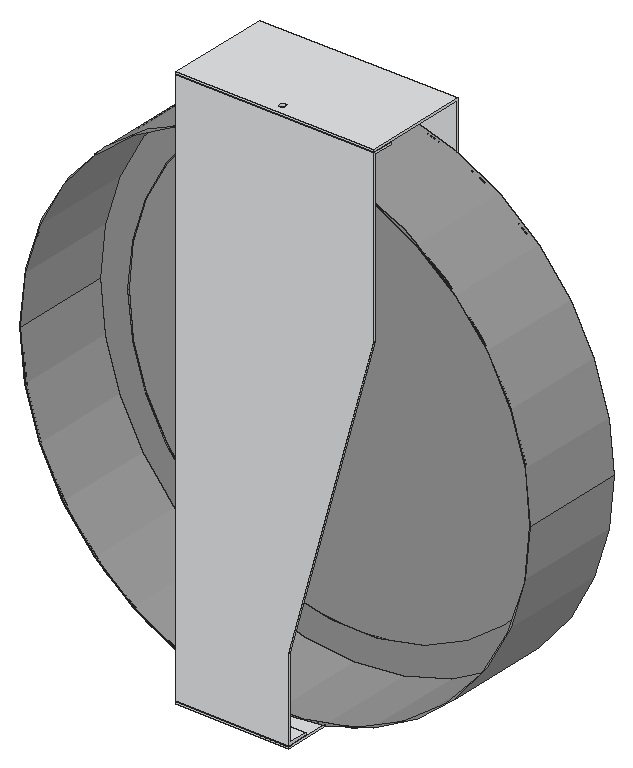
Revit family "Lighting - Lumetta - Sconce - EW518-EWC518-Full", category Lighting Fixtures, host Wall, Revit 2015
Parameters
  Wattage = 12.1178 W
  EWC518 URL [instance] = "https://lumetta.com/luminaires/lunar-sconce-with-20-cradle/"
  built-in parameter 1150110 = 1 (stored number, unit not read)
  URL = "https://lumetta.com/luminaires/lunar-sconce/"
  built-in parameter 1114217 = 1 (stored number, unit not read)
  built-in parameter 1150109 = 1 (stored number, unit not read)
  built-in parameter 1150134 = (empty or 0)
  built-in parameter 1150113 = 1 (stored number, unit not read)
  Sconce Front [instance] = 0' - 3 3/4"
  Model = "EW518/EWC518"  # constant formula
  Manufacturer = "Lumetta, Inc."  # constant formula
  Lumens = 1800 lm
  built-in parameter 1150115 = 1 (stored number, unit not read)
  built-in parameter 1150105 = 143.24 (stored number, unit not read)
  Light Source Symbol Size = 0' - 2"
  built-in parameter 1150137 = (empty or 0)
  built-in parameter 1150139 = (empty or 0)
  built-in parameter 1150112 = 1 (stored number, unit not read)
  built-in parameter 1150114 = 1 (stored number, unit not read)
  built-in parameter 1150132 = 2
  built-in parameter 1150102 = (empty or 0)
  built-in parameter 1150138 = (empty or 0)
  built-in parameter 1150107 = 3000 (stored number, unit not read)
  built-in parameter 1150106 = 1.4324 (stored number, unit not read)
  Frame Finish [instance] = Paint - Lumetta - F11 - PC_White
  Fixture-TOP [instance] = 0' - 9 29/32"
  Fixture-BTM [instance] = 0' - 9 29/32"
  built-in parameter 1150104 = 13.8 (stored number, unit not read)
  EWC518 (Cradle) [instance] = yes
  EW518 URL [instance] = "https://lumetta.com/luminaires/lunar-sconce/"
  EW518 [instance] = not([EWC518 (Cradle)])  # no
  Dimming Lamp Color Temperature Shift = (empty or 0)
  Diffuser Material-Sides [instance] = EW518-EWC518 Abstract - D790 Onyx - Side
  Diffuser Material-Front [instance] = EW518-EWC518 Abstract - D790 Onyx - Front
  Description = "Lunar Sconce - Unbound and Cradle"  # constant formula
  Color Filter = 16777215
  built-in parameter 1114218 = 1 (stored number, unit not read)
  built-in parameter 1150133 = 10 (stored number, unit not read)
Reference planes (in)
  plane 1: y = 0
  plane 2 "Light Source Axis (F/B)": y = 4
  plane 3 "Light Source Axis (L/R)": x = -1.43133
  plane 4 "Light Source Elevation": z = 77.42225
  plane 5 "Sconce-BTM": z = 67.516
  plane 6 "Sconce-TOP": z = 87.3285
  plane 7 "Wall-Face": y = 3.0625
  plane 8 "Sconce Front": y = 6.8125
Forms (in)
  Extrusion 1, solid, material "Paint - Lumetta - F11 - PC_White" <- "Frame Finish", visible <- "EWC518 (Cradle)"
    sketch origin (-7.75, 3.0625, 0) x (-1, 0, 0) y (0, 0, 1)
      loop
        line (-9.81867, 87.3285) -> (-9.81867, 81.32855) -> (-6.81867, 70.42225) -> (-6.81867, 67.516) -> (-2.81867, 67.516) -> (-2.81867, 87.3285) -> (-9.81867, 87.3285)
    from 0 to 0.05497
  Extrusion 2, solid, material "Paint - Lumetta - F11 - PC_White" <- "Frame Finish", visible <- "EWC518 (Cradle)"
    sketch origin (0, 3.0625, 0) x (-1, 0, 0) y (0, 0, 1)
      loop
        line (-2.06867, 87.42225) -> (-2.06867, 81.42225) -> (0.93133, 67.42225) -> (4.93133, 67.42225) -> (4.93133, 87.42225) -> (-2.06867, 87.42225)
    from 3.69542 to 3.75
  Extrusion 3, solid, material "EW518-EWC518 Abstract - D790 Onyx - Side" <- "Diffuser Material-Sides"
    sketch origin (0, 6.8125, 0) x (0, 0, 1) y (-1, 0, 0)
      loop
        circle (77.42225, 1.43133) r 9
      loop
        circle (77.42225, 1.43133) r 9.03125
    from 0.05458 to 3.69503
  Extrusion 4, solid, material "EW518-EWC518 Abstract - D790 Onyx - Front" <- "Diffuser Material-Front"
    sketch origin (0, 6.8125, 0) x (0, 0, 1) y (-1, 0, 0)
      loop
        circle (77.42225, 1.43133) r 9
    from 0.05458 to 0.17725
  Extrusion 5, solid, material "Paint - Lumetta - F11 - PC_White" <- "Frame Finish", visible <- "EWC518 (Cradle)"
    sketch origin (-1.43133, 0, 0) x (0, -1, 0) y (0, 0, 1)
      loop
        line (-6.8125, 87.42225) -> (-6.8125, 87.35975) -> (-3.0625, 87.35975) -> (-3.0625, 87.42225) -> (-6.8125, 87.42225)
      loop
        line (-3.0625, 87.3285) -> (-3.8125, 87.3285) -> (-3.8125, 87.26458) -> (-3.0625, 87.26458) -> (-3.0625, 87.3285)
    from -3.5 to 3.5
  Extrusion 6, solid, material "Paint - Lumetta - F11 - PC_White" <- "Frame Finish", visible <- "EWC518 (Cradle)"
    sketch origin (-1.43133, 0, 0) x (0, -1, 0) y (0, 0, 1)
      loop
        line (-3.0625, 67.516) -> (-3.0625, 67.59056) -> (-3.8125, 67.59056) -> (-3.8125, 67.516) -> (-3.0625, 67.516)
      loop
        line (-6.8125, 67.42225) -> (-3.0625, 67.42225) -> (-3.0625, 67.48475) -> (-6.8125, 67.48475) -> (-6.8125, 67.42225)
    from -0.5 to 3.5
  Revolve 7, void
    sketch origin (-1.43133, 0, 0) x (0, -1, 0) y (0, 0, 1)
      loop
        line (-3.4375, 67.42225) -> (-3.32813, 67.42225) -> (-3.32813, 67.59056) -> (-3.4375, 67.59056) -> (-3.4375, 67.42225)
      loop
        line (-3.4375, 87.26458) -> (-3.32813, 87.26458) -> (-3.32813, 87.42225) -> (-3.4375, 87.42225) -> (-3.4375, 87.26458)
      axis (-3.4375, 87.42225) -> (-3.4375, 67.42225)
    angle from 0 to 360
  Extrusion 8, solid, material "Paint - Lumetta - F11 - PC_White" <- "Frame Finish", visible <- "EW518"
    sketch origin (0, 3.0625, 0) x (-1, 0, 0) y (0, 0, 1)
      loop
        circle (1.43133, 77.42225) r 9
    from 0 to 0.05497
  Extrusion 9, solid, material "Glass, Cast, Gray"
    sketch origin (0, 6.8125, 0) x (0, 0, 1) y (-1, 0, 0)
      loop
        circle (77.42225, 1.43133) r 9
      loop
        circle (77.42225, 1.43133) r 8
    from 0.17725 to 0.20638
Cuts and joins
  Revolve 7 cuts Extrusion 5
  Revolve 7 cuts Extrusion 6
  joined: Extrusion 1, Extrusion 2, Extrusion 5, Extrusion 6
Text (in)
  text "Placement Side" at (0, 40.15149, 123.01588), in view "Right"
  text "Placement Side" at (-70.3804, 28.46503, 0), in view "Ref. Level"
  text "Placement Side" at (0, 85.69064, 140.59947), in view "Left"
Dimensions and locks (in)
  "Fixture-TOP": plane 4 "Light Source Elevation" to plane 6 "Sconce-TOP"
  "Fixture-BTM": plane 5 "Sconce-BTM" to plane 4 "Light Source Elevation"
  plane 6 "Sconce-TOP" to plane 4 "Light Source Elevation" = 0' - 9 29/32"
  plane 5 "Sconce-BTM" to plane 4 "Light Source Elevation" = 0' - 9 29/32"
  "Fixture-TOP": plane 4 "Light Source Elevation" to Extrusion 1
  "Fixture-BTM": Extrusion 1 to plane 4 "Light Source Elevation"
  locked: Extrusion 1 to plane 7 "Wall-Face" at 0.05497
  Extrusion 2 sketch curve to plane 4 "Light Source Elevation" = 0' - 10"
  locked: plane 3 "Light Source Axis (L/R)" to Extrusion 2 sketch curve at 3.5  (x2)
  locked: Extrusion 2 to Extrusion 2 at 0.05458
  "Sconce Front": plane 8 "Sconce Front" to plane 7 "Wall-Face"
  locked: Extrusion 3 to Extrusion 3 at 3.64045
  locked: Extrusion 4 to Extrusion 4 at 0.12267
  locked: plane 4 "Light Source Elevation" to Extrusion 2 sketch curve at 10
  locked: plane 3 "Light Source Axis (L/R)" to Extrusion 1 sketch curve at 3.5
  locked: Extrusion 1 sketch curve to plane 3 "Light Source Axis (L/R)" at 3.5
  locked: plane 4 "Light Source Elevation" to Extrusion 1 sketch curve at 9.90625
  locked: Extrusion 1 sketch curve to plane 4 "Light Source Elevation" at 9.90625
  Extrusion 2 to Extrusion 1 sketch curve = 0' - 3"
  locked: Extrusion 1 to plane 3 "Light Source Axis (L/R)" at 3.5
  locked: plane 3 "Light Source Axis (L/R)" to Extrusion 2 sketch curve at 0.5
  locked: Extrusion 2 sketch curve to Extrusion 2 sketch curve at 6
  locked: Extrusion 5 sketch curve to Extrusion 5 sketch curve at 0.0625
  locked: plane 4 "Light Source Elevation" to Extrusion 5 sketch curve at 10
  locked: Extrusion 2 to Extrusion 5 sketch curve at 3.75
  locked: Extrusion 5 sketch curve to plane 7 "Wall-Face" at 0.75
  locked: plane 6 "Sconce-TOP" to Extrusion 5 sketch curve at 0.06392
  locked: Extrusion 5 sketch curve to plane 6 "Sconce-TOP" at 0
  locked: Extrusion 6 sketch curve to Extrusion 6 sketch curve at 0.0625
  locked: Extrusion 6 sketch curve to Extrusion 6 sketch curve at 0.07456
  locked: Extrusion 6 sketch curve to Extrusion 6 sketch curve at 0.75
  Revolve 7 sketch curve to Revolve 7 sketch curve = 0' - 0 7/64"  (x2)
  locked: Extrusion 8 to plane 7 "Wall-Face" at 0.05497
  locked: Extrusion 5 sketch curve to plane 7 "Wall-Face" at 3.75
  locked: Extrusion 5 sketch curve to plane 7 "Wall-Face" at 0
  locked: Extrusion 6 sketch curve to plane 7 "Wall-Face" at 0
  locked: Extrusion 6 sketch curve to plane 7 "Wall-Face" at 3.75
  locked: cut or joined group of Extrusion 1, Extrusion 2, Extrusion 5, Extrusion 6, Revolve 7 to plane 7 "Wall-Face" at 0
  locked: Extrusion 9 to Extrusion 9 at 0.02913
  aligned: level to host wall
  aligned and locked: plane 3 "Light Source Axis (L/R)" to imposter light
  aligned and locked: plane 2 "Light Source Axis (F/B)" to imposter light
  aligned and locked: plane 4 "Light Source Elevation" to imposter light
  aligned and locked: host wall to plane 7 "Wall-Face"
  aligned and locked: Extrusion 3 to Extrusion 1
  aligned and locked: Extrusion 3 to Extrusion 4
  aligned and locked: Extrusion 2 to Extrusion 3
  aligned and locked: Extrusion 1 to Extrusion 5
  aligned and locked: Extrusion 5 to Extrusion 1
  aligned and locked: Extrusion 1 to Extrusion 6
  aligned and locked: Extrusion 6 to Extrusion 1
  aligned and locked: Extrusion 6 to Revolve 7 sketch curve
  aligned and locked: Revolve 7 sketch curve to Revolve 7 sketch curve
  aligned and locked: cut or joined group of Extrusion 1, Extrusion 2, Extrusion 5, Extrusion 6, Revolve 7 to Revolve 7 sketch curve
